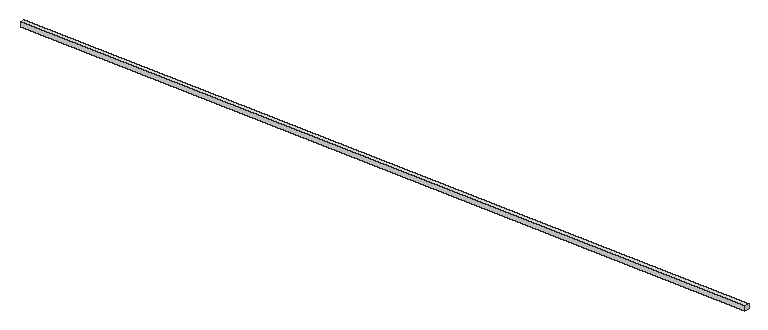
Revit family "MarshallTufflex_ElectricalFittings_TrunkingDado_Mini_MMT1a", category Generic Models, host Face, Revit 2016
Family settings
  Host = Face
  Part Type = Normal
  Can host rebar = No
  Round Connector Dimension = Use Diameter
  OmniClass Number = 23.80.30.17.14
  OmniClass Title = Wireways
  Cut with Voids When Loaded = Yes
  Shared = Yes
  Room Calculation Point = No
Parameters (values of type "MMT1")
  _DistributedBy = "www.bimstore.co.uk"
  _CurrentRevision = 1
  _CreatedBy = "www.marshall-tufflex.com"
  _BimSpecGuid = 0
  _BSBibleVersion = 15
  _AuthorizedBy = "IH"
  _Author = "Marshall-Tufflex Ltd"
  Weekly [instance] = "Please Record On Commisioning"
  WarrantyStartDate [instance] = "Please Record On Commisioning"
  WarrantyID [instance] = "Please Record On Commisioning"
  WarrantyGuarantorParts = "Sales@marshall-tufflex.com"
  WarrantyGuarantorLabor [instance] = "Please Record On Commisioning"
  WarrantyDurationUnit = "Years"
  WarrantyDurationParts = 0
  WarrantyDurationLabor = 0
  WarrantyDescription [instance] = "Please Record On Commisioning"
  URL = "www.marshall-tufflex.com"
  TypeName = "Marshall Tufflex Electrical Fitting Trunking Dado Mini"
  Type Comments = "Dado Trunking Single Compartment With Cover"
  Type = "Trunking"
  Sub-Type = "Dado"
  SquareAngleUp [instance] = no
  SquareAngleDown [instance] = no
  SpareParts = "Sales@marshall-tufflex.com"
  ShippingWeight = 0
  Shape = "16x16mm"
  SerialNumber [instance] = "Please Record On Commisioning"
  ResponsibleSourcingOfMaterials = "n/a"
  ResponsibleExtractionOfMaterials = "n/a"
  ReplacementCost = "Sales@marshall-tufflex.com"
  ReferencedStandard = "BS EN 50085-1"
  ReferenceStandard = "BS EN 50085-1"
  Quarterly [instance] = "Please Record On Commisioning"
  ProductionYear = "2018"
  ProductRange = "Mini"
  ProductModelNumber = "MMT1"
  ProductLiterature = "www.marshall-tufflex.com"
  OverallWidth = 16.000 mm
  OverallLength [instance] = 3000.000 mm
  OverallHeight = 16.000 mm
  O&Mmanual = "www.marshall-tufflex.com"
  NominalLength = 3000.000 mm
  NominalHeight = 16.000 mm
  NominalDepth = 16.000 mm
  NBSReference = "90-55-10/390"
  NBSOfficeMasterTag = "n/a"
  NBSObjectName = "MT MiniTrunkingMMT1"
  NBSNote = ""
  NBSDescription = "Proprietry Tunking"
  Monthly [instance] = "Please Record On Commisioning"
  ModelReference = "Mini"
  ModelNumber = "MMT1"
  Model = "Mini"
  MaterialIngredientReporting = "n/a"
  Material = "PVCu"
  ManufacturerWebsite = "www.marshall-tufflex.com"
  ManufacturerName = "Marshall-Tufflex Ltd"
  Manufacturer = "Marshall-Tufflex Ltd"
  MMT1CeilingTee [instance] = no
  LocationOfManufacturer = "N 50°52'39\" E 0°31'41\""
  LifeCycleAnalysis = "n/a"
  LidConfiguration = "Tamper Proof"
  Keynote = "V90"
  InternalBend [instance] = no
  InstallationDate [instance] = "Please Record On Commisioning"
  IfcExportType = "IfcCableSegmentType"
  IfcExportAs = "IfcFlowSegment"
  GrossWeight = 0
  GreenGuideforSpecification = 0
  Grade = "n/a"
  Fittings = "www.marshall-tufflex.com"
  Finish = "Matt"
  Features = "Variety of sizes, self-fixing and punched options"
  ExternalBend [instance] = no
  ExpectedLife = 0
  ErPEnergyLabel = "n/a"
  EqualSquareTeeUp [instance] = no
  EqualSquareTeeDown [instance] = no
  EnvironmentalProductDeclaration = "n/a"
  EnergyTechnologyList = "n/a"
  EndCapRH [instance] = no
  EndCapLH [instance] = no
  EnclosureRating = "IP4X"
  EmbodiedCarbon = 0
  DurationUnit = "Years"
  DocumentationTechnical = "www.marshall-tufflex.com"
  DocumentationMaintenance = "www.marshall-tufflex.com"
  DocumentationLiterature = "www.marshall-tufflex.com"
  DocumentationInstallationGuide = "www.marshall-tufflex.com"
  DocumentationCertificates = "www.marshall-tufflex.com"
  Description = "Trunking Dado MT Mini MMT1"
  Default Elevation = 1200.000 mm
  Daily [instance] = "Please Record On Commisioning"
  CreatedOn = "2018-11-26T09:00:00"
  CreatedBy = "Sales@marshall-tufflex.com"
  Coupler [instance] = no
  Cost = 0
  Constituents = "Mini Trunking"
  Compartments = "No"
  Colour = "White (RAL9003)"
  Color = "White (RAL9003)"
  CodePerformance = "n/a"
  ClassificationValue = "Pr_65_70_11_61"
  ClassificationName = "Uniclass2015"
  CEApproval = "Yes"
  BespokeTimeframe [instance] = "Please Record On Commisioning"
  BarCode [instance] = "Please Record On Commisioning"
  BIMObjectName = "MarshallTufflex_ElectricalFittings_TrunkingDado_Mini_MMT1"
  AssetType = "Fixed"
  AssetIdentifier [instance] = "Please Record On Commisioning"
  Assembly Code = "D5010"
  Annually [instance] = "Please Record On Commisioning"
  AccessoryBoxDepth = "n/a"
  Accessories = "www.marshall-tufflex.com"
  AccessibilityPerformance = "n/a"
  AccessClearanceTop = 0.000 mm
  AccessClearanceRight = 0.000 mm
  AccessClearanceRear = 0.000 mm
  AccessClearanceLeft = 0.000 mm
  AccessClearanceFront = 0.000 mm
  AccessClearanceBottom = 0.000 mm
  6Monthly [instance] = "Please Record On Commisioning"
Reference planes
  plane 1 "Center (Front/Back)": y = 0
  plane 2: z = 0
  plane 3 "Center (Left/Right)": x = 0
  plane 4: x = 3000
  plane 5: y = -8
  plane 6: y = 8
  plane 7: z = 16
Forms (mm)
  Extrusion 1, solid, material "PVC, Unplasticized"
    sketch origin (0, 0, 0) x (0, 1, 0) y (0, 0, 1)
      loop
        line (8, 0) -> (8, 16) -> (-8, 16) -> (-8, 0) -> (8, 0)
    from 0 to 3000
Dimensions and locks
  "OverallLength": plane 4 to plane 3 "Center (Left/Right)"
  plane 3 "Center (Left/Right)" to plane 4 = 3000.000 mm
  equal spacing: plane 6, plane 1 "Center (Front/Back)", plane 5
  "OverallHeight": plane 6 to plane 5
  "OverallWidth": plane 7 to host face
  aligned and locked: plane 2 to host face
  aligned and locked: level to host face
  aligned and locked: plane 7 to Extrusion 1 sketch curve
  aligned and locked: Extrusion 1 sketch curve to level
  aligned and locked: Extrusion 1 sketch curve to plane 5
  aligned and locked: plane 6 to Extrusion 1 sketch curve
  aligned and locked: Extrusion 1 to plane 4
  aligned and locked: nested 1 to plane 4
  aligned and locked: plane 1 "Center (Front/Back)" to nested 1
  aligned and locked: plane 3 "Center (Left/Right)" to nested 2
  aligned and locked: plane 1 "Center (Front/Back)" to nested 2
  aligned and locked: nested 3 to plane 4
  aligned and locked: plane 1 "Center (Front/Back)" to nested 3
  aligned and locked: nested 4 to plane 4
  aligned and locked: nested 4 to plane 1 "Center (Front/Back)"
  aligned and locked: plane 4 to nested 5
  aligned and locked: plane 1 "Center (Front/Back)" to nested 5
  aligned and locked: nested 6 to plane 4
  aligned and locked: nested 6 to plane 1 "Center (Front/Back)"
  aligned and locked: nested 7 to plane 4
  aligned and locked: plane 1 "Center (Front/Back)" to nested 7
  aligned and locked: nested 8 to plane 4
  aligned and locked: plane 1 "Center (Front/Back)" to nested 8
  aligned and locked: nested 9 to plane 4
  aligned and locked: plane 1 "Center (Front/Back)" to nested 9
  aligned and locked: plane 4 to nested 10
  aligned and locked: plane 1 "Center (Front/Back)" to nested 10
Automatic sketch dimensions
  host sketch curve to host sketch curve = 2438.400 mm  (x2)
Nested families
  nested 1: "MarshallTufflex_ElectricalFittings_TrunkingDado_Coupler" at (2977.5, 0, 0), visible <- "Coupler", type "MarshallTufflex_ElectricalFittings_TrunkingDado_Mini_Coupler_TC1"
    with Weekly "Please Record On Commisioning", WarrantyStartDate "Please Record On Commisioning", WarrantyID "Please Record On Commisioning", WarrantyGuarantorLabor "Please Record On Commisioning", WarrantyDescription "Please Record On Commisioning", SerialNumber "Please Record On Commisioning", Quarterly "Please Record On Commisioning", Monthly "Please Record On Commisioning", InstallationDate "Please Record On Commisioning", Daily "Please Record On Commisioning", BespokeTimeframe "Please Record On Commisioning", BarCode "Please Record On Commisioning", AssetIdentifier "Please Record On Commisioning", Annually "Please Record On Commisioning", 6Monthly "Please Record On Commisioning"
  nested 2: "MarshallTufflex_ElectricalFittings_TrunkingDado_EndCap" at (-2, 0, 0), visible <- "EndCapLH", type "MarshallTufflex_ElectricalFittings_TrunkingDado_Mini_EndCap_TEC1"
    with Weekly "Please Record On Commisioning", WarrantyStartDate "Please Record On Commisioning", WarrantyID "Please Record On Commisioning", WarrantyGuarantorLabor "Please Record On Commisioning", WarrantyDescription "Please Record On Commisioning", SerialNumber "Please Record On Commisioning", Quarterly "Please Record On Commisioning", Monthly "Please Record On Commisioning", InstallationDate "Please Record On Commisioning", Daily "Please Record On Commisioning", BespokeTimeframe "Please Record On Commisioning", BarCode "Please Record On Commisioning", AssetIdentifier "Please Record On Commisioning", Annually "Please Record On Commisioning", 6Monthly "Please Record On Commisioning"
  nested 3: "MarshallTufflex_ElectricalFittings_TrunkingDado_EndCap" at (3000, 0, 0), visible <- "EndCapRH", type "MarshallTufflex_ElectricalFittings_TrunkingDado_Mini_EndCap_TEC1"
    with Weekly "Please Record On Commisioning", WarrantyStartDate "Please Record On Commisioning", WarrantyID "Please Record On Commisioning", WarrantyGuarantorLabor "Please Record On Commisioning", WarrantyDescription "Please Record On Commisioning", SerialNumber "Please Record On Commisioning", Quarterly "Please Record On Commisioning", Monthly "Please Record On Commisioning", InstallationDate "Please Record On Commisioning", Daily "Please Record On Commisioning", BespokeTimeframe "Please Record On Commisioning", BarCode "Please Record On Commisioning", AssetIdentifier "Please Record On Commisioning", Annually "Please Record On Commisioning", 6Monthly "Please Record On Commisioning"
  nested 4: "MarshallTufflex_ElectricalFittings_TrunkingDado_SquareEqualTee" at (3000, -25.5, 0) x (0, 1, 0) z (0, 0, 1), visible <- "EqualSquareTeeDown", type "MarshallTufflex_ElectricalFittings_TrunkingDado_Mini_EqualSquareTee_TT1-1"
    with Weekly "Please Record On Commisioning", WarrantyStartDate "Please Record On Commisioning", WarrantyID "Please Record On Commisioning", WarrantyGuarantorLabor "Please Record On Commisioning", WarrantyDescription "Please Record On Commisioning", SerialNumber "Please Record On Commisioning", Quarterly "Please Record On Commisioning", Monthly "Please Record On Commisioning", InstallationDate "Please Record On Commisioning", Daily "Please Record On Commisioning", BespokeTimeframe "Please Record On Commisioning", BarCode "Please Record On Commisioning", AssetIdentifier "Please Record On Commisioning", Annually "Please Record On Commisioning", 6Monthly "Please Record On Commisioning"
  nested 5: "MarshallTufflex_ElectricalFittings_TrunkingDado_SquareEqualTee" at (3000, 25.5, 0) x (0, -1, 0) z (0, 0, 1), visible <- "EqualSquareTeeUp", type "MarshallTufflex_ElectricalFittings_TrunkingDado_Mini_EqualSquareTee_TT1-1"
    with Weekly "Please Record On Commisioning", WarrantyStartDate "Please Record On Commisioning", WarrantyID "Please Record On Commisioning", WarrantyGuarantorLabor "Please Record On Commisioning", WarrantyDescription "Please Record On Commisioning", SerialNumber "Please Record On Commisioning", Quarterly "Please Record On Commisioning", Monthly "Please Record On Commisioning", InstallationDate "Please Record On Commisioning", Daily "Please Record On Commisioning", BespokeTimeframe "Please Record On Commisioning", BarCode "Please Record On Commisioning", AssetIdentifier "Please Record On Commisioning", Annually "Please Record On Commisioning", 6Monthly "Please Record On Commisioning"
  nested 6: "MarshallTufflex_ElectricalFittings_TrunkingDado_CeilingTee" at (3000, -9.5, 0) x (0, 1, 0) z (0, 0, 1), visible <- "MMT1CeilingTee", type "MarshallTufflex_ElectricalFittings_TrunkingDado_Mini_CeilingTee_TCT1-1"
    with Weekly "Please Record On Commisioning", WarrantyStartDate "Please Record On Commisioning", WarrantyID "Please Record On Commisioning", WarrantyGuarantorLabor "Please Record On Commisioning", WarrantyDescription "Please Record On Commisioning", SerialNumber "Please Record On Commisioning", Quarterly "Please Record On Commisioning", Monthly "Please Record On Commisioning", InstallationDate "Please Record On Commisioning", Daily "Please Record On Commisioning", BespokeTimeframe "Please Record On Commisioning", BarCode "Please Record On Commisioning", AssetIdentifier "Please Record On Commisioning", Annually "Please Record On Commisioning", 6Monthly "Please Record On Commisioning"
  nested 7: "MarshallTufflex_ElectricalFittings_TrunkingDado_InternalBend" at (3000, 0, 0), visible <- "InternalBend", type "MarshallTufflex_ElectricalFittings_TrunkingDado_Mini_InternalBend_TIB1"
    with Weekly "Please Record On Commisioning", WarrantyStartDate "Please Record On Commisioning", WarrantyID "Please Record On Commisioning", WarrantyGuarantorLabor "Please Record On Commisioning", WarrantyDescription "Please Record On Commisioning", SerialNumber "Please Record On Commisioning", Quarterly "Please Record On Commisioning", Monthly "Please Record On Commisioning", InstallationDate "Please Record On Commisioning", Daily "Please Record On Commisioning", BespokeTimeframe "Please Record On Commisioning", BarCode "Please Record On Commisioning", AssetIdentifier "Please Record On Commisioning", Annually "Please Record On Commisioning", 6Monthly "Please Record On Commisioning"
  nested 8: "MarshallTufflex_ElectricalFittings_TrunkingDado_ExternalBend" at (3000, 0, 0), visible <- "ExternalBend", type "MarshallTufflex_ElectricalFittings_TrunkingDado_Mini_ExternalBend_TEB1"
    with Weekly "Please Record On Commisioning", WarrantyStartDate "Please Record On Commisioning", WarrantyID "Please Record On Commisioning", WarrantyGuarantorLabor "Please Record On Commisioning", WarrantyDescription "Please Record On Commisioning", SerialNumber "Please Record On Commisioning", Quarterly "Please Record On Commisioning", Monthly "Please Record On Commisioning", InstallationDate "Please Record On Commisioning", Daily "Please Record On Commisioning", BespokeTimeframe "Please Record On Commisioning", BarCode "Please Record On Commisioning", AssetIdentifier "Please Record On Commisioning", Annually "Please Record On Commisioning", 6Monthly "Please Record On Commisioning"
  nested 9: "MarshallTufflex_ElectricalFittings_TrunkingDado_SquareAngle" at (3000, 0, 0), visible <- "SquareAngleDown", type "MarshallTufflex_ElectricalFittings_TrunkingDado_Mini_SquareAngle_TFB1"
    with Weekly "Please Record On Commisioning", WarrantyStartDate "Please Record On Commisioning", WarrantyID "Please Record On Commisioning", WarrantyGuarantorLabor "Please Record On Commisioning", WarrantyDescription "Please Record On Commisioning", SerialNumber "Please Record On Commisioning", Quarterly "Please Record On Commisioning", Monthly "Please Record On Commisioning", InstallationDate "Please Record On Commisioning", Daily "Please Record On Commisioning", BespokeTimeframe "Please Record On Commisioning", BarCode "Please Record On Commisioning", AssetIdentifier "Please Record On Commisioning", Annually "Please Record On Commisioning", 6Monthly "Please Record On Commisioning"
  nested 10: "MarshallTufflex_ElectricalFittings_TrunkingDado_SquareAngle" at (3000, 0, 0) x (0, -1, 0) z (0, 0, 1), visible <- "SquareAngleUp", type "MarshallTufflex_ElectricalFittings_TrunkingDado_Mini_SquareAngle_TFB1"
    with Weekly "Please Record On Commisioning", WarrantyStartDate "Please Record On Commisioning", WarrantyID "Please Record On Commisioning", WarrantyGuarantorLabor "Please Record On Commisioning", WarrantyDescription "Please Record On Commisioning", SerialNumber "Please Record On Commisioning", Quarterly "Please Record On Commisioning", Monthly "Please Record On Commisioning", InstallationDate "Please Record On Commisioning", Daily "Please Record On Commisioning", BespokeTimeframe "Please Record On Commisioning", BarCode "Please Record On Commisioning", AssetIdentifier "Please Record On Commisioning", Annually "Please Record On Commisioning", 6Monthly "Please Record On Commisioning"
Definition of nested family "MarshallTufflex_ElectricalFittings_TrunkingDado_Coupler"
  Parameters (values of type "MarshallTufflex_ElectricalFittings_TrunkingDado_Mini_Coupler_TC6")
    _DistributedBy = "www.bimstore.co.uk"
    _CurrentRevision = 1
    _CreatedBy = "www.marshall-tufflex.com"
    _BimSpecGuid = 0
    _BSBibleVersion = 15
    _AuthorizedBy = ""
    _Author = "Marshall-Tufflex Ltd"
    Weekly [instance] = "Please Record On Commisioning"
    WarrantyStartDate [instance] = "Please Record On Commisioning"
    WarrantyID [instance] = "Please Record On Commisioning"
    WarrantyGuarantorParts = "Sales@marshall-tufflex.com"
    WarrantyGuarantorLabor [instance] = "Please Record On Commisioning"
    WarrantyDurationUnit = "Years"
    WarrantyDurationParts = 0
    WarrantyDurationLabor = 0
    WarrantyDescription [instance] = "Please Record On Commisioning"
    URL = "www.marshall-tufflex.com"
    TypeName = "Marshall Tufflex Electrical Fitting Trunking Dado Mini"
    Type Comments = "Dado Trunking MMT6 Coupler"
    Type = "Trunking"
    Sub-Type = "Fitting"
    SpareParts = "Sales@marshall-tufflex.com"
    ShippingWeight = 0
    Shape = "40x40mm"
    SerialNumber [instance] = "Please Record On Commisioning"
    ResponsibleSourcingOfMaterials = "n/a"
    ResponsibleExtractionOfMaterials = "n/a"
    ReplacementCost = "Sales@marshall-tufflex.com"
    ReferencedStandard = "BS EN 50085-1"
    ReferenceStandard = "BS EN 50085-1"
    Quarterly [instance] = "Please Record On Commisioning"
    ProductionYear = "2018"
    ProductRange = "Mini"
    ProductModelNumber = "TC6"
    ProductLiterature = "www.marshall-tufflex.com"
    OverallWidth = 40.000 mm
    OverallLength = 50.000 mm
    OverallHeight = 40.000 mm
    O&Mmanual = "www.marshall-tufflex.com"
    NominalLength = 50.000 mm
    NominalHeight = 40.000 mm
    NominalDepth = 40.000 mm
    NBSReference = "90-55-10/390"
    NBSOfficeMasterTag = "n/a"
    NBSObjectName = "MT MiniCouplerTC6"
    NBSNote = ""
    NBSDescription = "Proprietry Tunking"
    Monthly [instance] = "Please Record On Commisioning"
    ModelReference = "Mini"
    ModelNumber = "TC6"
    Model = "Mini"
    MaterialIngredientReporting = "n/a"
    Material = "PVCu"
    ManufacturerWebsite = "www.marshall-tufflex.com"
    ManufacturerName = "Marshall-Tufflex Ltd"
    Manufacturer = "Marshall-Tufflex Ltd"
    LocationOfManufacturer = "N 50°52'39\" E 0°31'41\""
    LifeCycleAnalysis = "n/a"
    LidConfiguration = "Tamper Proof"
    Keynote = "V90"
    InstallationDate [instance] = "Please Record On Commisioning"
    IfcExportType = "IfcCableSegmentType"
    IfcExportAs = "IfcFlowSegment"
    GrossWeight = 0
    GreenGuideforSpecification = 0
    Grade = "n/a"
    Fittings = "www.marshall-tufflex.com"
    Finish = "Matt"
    Features = "Variety of sizes, self-fixing and punched options"
    ExpectedLife = 0
    ErPEnergyLabel = "n/a"
    EnvironmentalProductDeclaration = "n/a"
    EnergyTechnologyList = "n/a"
    EnclosureRating = "IP4X"
    EmbodiedCarbon = 0
    DurationUnit = "Years"
    DocumentationTechnical = "www.marshall-tufflex.com"
    DocumentationMaintenance = "www.marshall-tufflex.com"
    DocumentationLiterature = "www.marshall-tufflex.com"
    DocumentationInstallationGuide = "www.marshall-tufflex.com"
    DocumentationCertificates = "www.marshall-tufflex.com"
    Description = "Trunking Dado MT Mini Coupler TC6"
    Default Elevation = 1200.000 mm
    DatumLine = OverallLength / 2  # 25.000 mm
    Daily [instance] = "Please Record On Commisioning"
    CreatedOn = "2018-11-26T09:00:00"
    CreatedBy = "Sales@marshall-tufflex.com"
    Cost = 0
    Constituents = "Mini Trunking"
    Compartments = "No"
    Colour = "White (RAL9003)"
    Color = "White (RAL9003)"
    CodePerformance = "n/a"
    ClassificationValue = "Pr_65_70_11_61"
    ClassificationName = "Uniclass2015"
    CEApproval = "Yes"
    BespokeTimeframe [instance] = "Please Record On Commisioning"
    BarCode [instance] = "Please Record On Commisioning"
    BIMObjectName = "MarshallTufflex_ElectricalFittings_TrunkingDado_Mini_Coupler_TC6"
    AssetType = "Fixed"
    AssetIdentifier [instance] = "Please Record On Commisioning"
    Assembly Code = "D5010"
    Annually [instance] = "Please Record On Commisioning"
    AccessoryBoxDepth = "n/a"
    Accessories = "www.marshall-tufflex.com"
    AccessibilityPerformance = "n/a"
    AccessClearanceTop = 0.000 mm
    AccessClearanceRight = 0.000 mm
    AccessClearanceRear = 0.000 mm
    AccessClearanceLeft = 0.000 mm
    AccessClearanceFront = 0.000 mm
    AccessClearanceBottom = 0.000 mm
    6Monthly [instance] = "Please Record On Commisioning"
  Types (6, lengths in mm): name | Type Comments | Shape | ProductModelNumber | OverallWidth | OverallLength | OverallHeight | NominalLength | NominalHeight | NominalDepth | NBSObjectName | ModelNumber | Description | DatumLine | BIMObjectName
    MarshallTufflex_ElectricalFittings_TrunkingDado_Mini_Coupler_TC1 | "Dado Trunking MMT1 Coupler" | "19x18mm" | "TC1" | 18.000 | 45.000 | 19.000 | 45.000 | 19.000 | 18.000 | "MT MiniCouplerTC1" | "TC1" | "Trunking Dado MT Mini Coupler TC1" | 22.500 | "MarshallTufflex_ElectricalFittings_TrunkingDado_Mini_Coupler_TC1"
    MarshallTufflex_ElectricalFittings_TrunkingDado_Mini_Coupler_TC2 | "Dado Trunking MMT2 Coupler" | "28x18mm" | "TC2" | 18.000 | 45.000 | 28.000 | 45.000 | 28.000 | 18.000 | "MT MiniCouplerTC2" | "TC2" | "Trunking Dado MT Mini Coupler TC2" | 22.500 | "MarshallTufflex_ElectricalFittings_TrunkingDado_Mini_Coupler_TC2"
    MarshallTufflex_ElectricalFittings_TrunkingDado_Mini_Coupler_TC3 | "Dado Trunking MMT3 Coupler" | "41x18mm" | "TC3" | 18.000 | 45.000 | 41.000 | 45.000 | 41.000 | 18.000 | "MT MiniCouplerTC3" | "TC3" | "Trunking Dado MT Mini Coupler TC3" | 22.500 | "MarshallTufflex_ElectricalFittings_TrunkingDado_Mini_Coupler_TC3"
    MarshallTufflex_ElectricalFittings_TrunkingDado_Mini_Coupler_TC4 | "Dado Trunking MMT4 Coupler" | "41x27mm" | "TC4" | 27.000 | 45.000 | 41.000 | 45.000 | 41.000 | 27.000 | "MT MiniCouplerTC4" | "TC4" | "Trunking Dado MT Mini Coupler TC4" | 22.500 | "MarshallTufflex_ElectricalFittings_TrunkingDado_Mini_Coupler_TC4"
    MarshallTufflex_ElectricalFittings_TrunkingDado_Mini_Coupler_TC5 | "Dado Trunking MMT5 Coupler" | "53x27mm" | "TC5" | 27.000 | 85.000 | 53.000 | 85.000 | 53.000 | 27.000 | "MT MiniCouplerTC5" | "TC5" | "Trunking Dado MT Mini Coupler TC5" | 42.500 | "MarshallTufflex_ElectricalFittings_TrunkingDado_Mini_Coupler_TC5"
    MarshallTufflex_ElectricalFittings_TrunkingDado_Mini_Coupler_TC6 | "Dado Trunking MMT6 Coupler" | "40x40mm" | "TC6" | 40.000 | 50.000 | 40.000 | 50.000 | 40.000 | 40.000 | "MT MiniCouplerTC6" | "TC6" | "Trunking Dado MT Mini Coupler TC6" | 25.000 | "MarshallTufflex_ElectricalFittings_TrunkingDado_Mini_Coupler_TC6"
  Reference planes
    plane 1 "Center (Front/Back)": y = 0
    plane 2: z = 0
    plane 3 "Center (Left/Right)": x = 0
    plane 4: x = 50
    plane 5: y = -20
    plane 6: y = 20
    plane 7: z = 40
    plane 8: x = 25
  Forms (mm)
    Extrusion 1, solid
      sketch origin (0, 0, 0) x (1, 0, 0) y (0, 1, 0)
        loop
          line (-1219.2, 1219.2) -> (-1219.2, -1219.2) -> (1219.2, -1219.2) -> (1219.2, 1219.2) -> (-1219.2, 1219.2)
      from 0 to -304.8
    Extrusion 2, solid
      sketch origin (0, 0, 0) x (1, 0, 0) y (0, 1, 0)
        loop
          line (0, -20) -> (50, -20) -> (50, 20) -> (0, 20) -> (0, -20)
      from 0 to 40
  Dimensions and locks
    "OverallLength": plane 4 to plane 3 "Center (Left/Right)"
    plane 3 "Center (Left/Right)" to plane 4 = 50.000 mm
    equal spacing: plane 6, plane 1 "Center (Front/Back)", plane 5
    "OverallHeight": plane 6 to plane 5
    "OverallWidth": plane 7 to Extrusion 1
    "DatumLine": plane 3 "Center (Left/Right)" to plane 8
    aligned and locked: plane 2 to Extrusion 1
    aligned and locked: level to Extrusion 1
    aligned and locked: plane 6 to Extrusion 2 sketch curve
    aligned and locked: Extrusion 2 sketch curve to plane 5
    aligned and locked: Extrusion 2 sketch curve to plane 4
    aligned and locked: Extrusion 2 sketch curve to plane 3 "Center (Left/Right)"
    aligned and locked: plane 7 to Extrusion 2
  Automatic sketch dimensions
    Extrusion 1 sketch curve to Extrusion 1 sketch curve = 2438.400 mm  (x2)
Definition of nested family "MarshallTufflex_ElectricalFittings_TrunkingDado_EndCap"
  Parameters (values of type "MarshallTufflex_ElectricalFittings_TrunkingDado_Mini_EndCap_TEC1")
    _DistributedBy = "www.bimstore.co.uk"
    _CurrentRevision = 1
    _CreatedBy = "www.marshall-tufflex.com"
    _BimSpecGuid = 0
    _BSBibleVersion = 15
    _AuthorizedBy = ""
    _Author = "Marshall-Tufflex Ltd"
    Weekly [instance] = "Please Record On Commisioning"
    WarrantyStartDate [instance] = "Please Record On Commisioning"
    WarrantyID [instance] = "Please Record On Commisioning"
    WarrantyGuarantorParts = "Sales@marshall-tufflex.com"
    WarrantyGuarantorLabor [instance] = "Please Record On Commisioning"
    WarrantyDurationUnit = "Years"
    WarrantyDurationParts = 0
    WarrantyDurationLabor = 0
    WarrantyDescription [instance] = "Please Record On Commisioning"
    URL = "www.marshall-tufflex.com"
    TypeName = "Marshall Tufflex Electrical Fitting Trunking Dado Mini"
    Type Comments = "Dado Trunking MMT1 End Cap"
    Type = "Trunking"
    Sub-Type = "Fitting"
    SpareParts = "Sales@marshall-tufflex.com"
    ShippingWeight = 0
    Shape = "16x16mm"
    SerialNumber [instance] = "Please Record On Commisioning"
    ResponsibleSourcingOfMaterials = "n/a"
    ResponsibleExtractionOfMaterials = "n/a"
    ReplacementCost = "Sales@marshall-tufflex.com"
    ReferencedStandard = "BS EN 50085-1"
    ReferenceStandard = "BS EN 50085-1"
    Quarterly [instance] = "Please Record On Commisioning"
    ProductionYear = "2018"
    ProductRange = "Mini"
    ProductModelNumber = "TEC1"
    ProductLiterature = "www.marshall-tufflex.com"
    OverallWidth = 16.000 mm
    OverallLength = 2.000 mm
    OverallHeight = 16.000 mm
    O&Mmanual = "www.marshall-tufflex.com"
    NominalLength = 2.000 mm
    NominalHeight = 16.000 mm
    NominalDepth = 16.000 mm
    NBSReference = "90-55-10/390"
    NBSOfficeMasterTag = "n/a"
    NBSObjectName = "MT MiniEndCapTEC1"
    NBSNote = ""
    NBSDescription = "Proprietry Tunking"
    Monthly [instance] = "Please Record On Commisioning"
    ModelReference = "Mini"
    ModelNumber = "TEC1"
    Model = "Mini"
    MaterialIngredientReporting = "n/a"
    Material = "PVCu"
    ManufacturerWebsite = "www.marshall-tufflex.com"
    ManufacturerName = "Marshall-Tufflex Ltd"
    Manufacturer = "Marshall-Tufflex Ltd"
    LocationOfManufacturer = "N 50°52'39\" E 0°31'41\""
    LifeCycleAnalysis = "n/a"
    LidConfiguration = "Tamper Proof"
    Keynote = "V90"
    InstallationDate [instance] = "Please Record On Commisioning"
    IfcExportType = "IfcCableSegmentType"
    IfcExportAs = "IfcFlowSegment"
    GrossWeight = 0
    GreenGuideforSpecification = 0
    Grade = "n/a"
    Fittings = "www.marshall-tufflex.com"
    Finish = "Matt"
    Features = "Variety of sizes, self-fixing and punched options"
    ExpectedLife = 0
    ErPEnergyLabel = "n/a"
    EnvironmentalProductDeclaration = "n/a"
    EnergyTechnologyList = "n/a"
    EnclosureRating = "IP4X"
    EmbodiedCarbon = 0
    DurationUnit = "Years"
    DocumentationTechnical = "www.marshall-tufflex.com"
    DocumentationMaintenance = "www.marshall-tufflex.com"
    DocumentationLiterature = "www.marshall-tufflex.com"
    DocumentationInstallationGuide = "www.marshall-tufflex.com"
    DocumentationCertificates = "www.marshall-tufflex.com"
    Description = "Trunking Dado MT Mini End Cap TEC1"
    Default Elevation = 1200.000 mm
    Daily [instance] = "Please Record On Commisioning"
    CreatedOn = "2018-11-26T09:00:00"
    CreatedBy = "Sales@marshall-tufflex.com"
    Cost = 0
    Constituents = "Mini Trunking"
    Compartments = "No"
    Colour = "White (RAL9003)"
    Color = "White (RAL9003)"
    CodePerformance = "n/a"
    ClassificationValue = "Pr_65_70_11_61"
    ClassificationName = "Uniclass2015"
    CEApproval = "Yes"
    BespokeTimeframe [instance] = "Please Record On Commisioning"
    BarCode [instance] = "Please Record On Commisioning"
    BIMObjectName = "MarshallTufflex_ElectricalFittings_TrunkingDado_Mini_EndCap_TEC1"
    AssetType = "Fixed"
    AssetIdentifier [instance] = "Please Record On Commisioning"
    Assembly Code = "D5010"
    Annually [instance] = "Please Record On Commisioning"
    AccessoryBoxDepth = "n/a"
    Accessories = "www.marshall-tufflex.com"
    AccessibilityPerformance = "n/a"
    AccessClearanceTop = 0.000 mm
    AccessClearanceRight = 0.000 mm
    AccessClearanceRear = 0.000 mm
    AccessClearanceLeft = 0.000 mm
    AccessClearanceFront = 0.000 mm
    AccessClearanceBottom = 0.000 mm
    6Monthly [instance] = "Please Record On Commisioning"
  Types (6, lengths in mm): name | Type Comments | Shape | ProductModelNumber | OverallWidth | OverallHeight | NominalHeight | NominalDepth | NBSObjectName | ModelNumber | Description | BIMObjectName
    MarshallTufflex_ElectricalFittings_TrunkingDado_Mini_EndCap_TEC1 | "Dado Trunking MMT1 End Cap" | "16x16mm" | "TEC1" | 16.000 | 16.000 | 16.000 | 16.000 | "MT MiniEndCapTEC1" | "TEC1" | "Trunking Dado MT Mini End Cap TEC1" | "MarshallTufflex_ElectricalFittings_TrunkingDado_Mini_EndCap_TEC1"
    MarshallTufflex_ElectricalFittings_TrunkingDado_Mini_EndCap_TEC2 | "Dado Trunking MMT2 End Cap" | "25x16mm" | "TEC2" | 16.000 | 25.000 | 25.000 | 16.000 | "MT MiniEndCapTEC2" | "TEC2" | "Trunking Dado MT Mini End Cap TEC2" | "MarshallTufflex_ElectricalFittings_TrunkingDado_Mini_EndCap_TEC2"
    MarshallTufflex_ElectricalFittings_TrunkingDado_Mini_EndCap_TEC3 | "Dado Trunking MMT3 End Cap" | "38x16mm" | "TEC3" | 16.000 | 38.000 | 38.000 | 16.000 | "MT MiniEndCapTEC3" | "TEC3" | "Trunking Dado MT Mini End Cap TEC3" | "MarshallTufflex_ElectricalFittings_TrunkingDado_Mini_EndCap_TEC3"
    MarshallTufflex_ElectricalFittings_TrunkingDado_Mini_EndCap_TEC4 | "Dado Trunking MMT4 End Cap" | "38x25mm" | "TEC4" | 25.000 | 38.000 | 38.000 | 25.000 | "MT MiniEndCapTEC4" | "TEC4" | "Trunking Dado MT Mini End Cap TEC4" | "MarshallTufflex_ElectricalFittings_TrunkingDado_Mini_EndCap_TEC4"
    MarshallTufflex_ElectricalFittings_TrunkingDado_Mini_EndCap_TEC5 | "Dado Trunking MMT5 End Cap" | "50x25mm" | "TEC5" | 25.000 | 50.000 | 50.000 | 25.000 | "MT MiniEndCapTEC5" | "TEC5" | "Trunking Dado MT Mini End Cap TEC5" | "MarshallTufflex_ElectricalFittings_TrunkingDado_Mini_EndCap_TEC5"
    MarshallTufflex_ElectricalFittings_TrunkingDado_Mini_EndCap_TEC6 | "Dado Trunking MMT6 End Cap" | "38x38mm" | "TEC6" | 38.000 | 38.000 | 38.000 | 38.000 | "MT MiniEndCapTEC6" | "TEC6" | "Trunking Dado MT Mini End Cap TEC6" | "MarshallTufflex_ElectricalFittings_TrunkingDado_Mini_EndCap_TEC6"
  Reference planes
    plane 1 "Center (Front/Back)": y = 0
    plane 2: z = 0
    plane 3 "Center (Left/Right)": x = 0
    plane 4: x = 2
    plane 5: y = -8
    plane 6: y = 8
    plane 7: z = 16
  Forms (mm)
    Extrusion 1, solid
      sketch origin (0, 0, 0) x (1, 0, 0) y (0, 1, 0)
        loop
          line (-1219.2, 1219.2) -> (-1219.2, -1219.2) -> (1219.2, -1219.2) -> (1219.2, 1219.2) -> (-1219.2, 1219.2)
      from 0 to -304.8
    Extrusion 2, solid
      sketch origin (0, 0, 0) x (0, 1, 0) y (0, 0, 1)
        loop
          line (8, 16) -> (-8, 16) -> (-8, 0) -> (8, 0) -> (8, 16)
      from 0 to 2
  Dimensions and locks
    "OverallLength": plane 4 to plane 3 "Center (Left/Right)"
    plane 3 "Center (Left/Right)" to plane 4 = 2.000 mm
    equal spacing: plane 6, plane 1 "Center (Front/Back)", plane 5
    "OverallHeight": plane 6 to plane 5
    "OverallWidth": plane 7 to Extrusion 1
    aligned and locked: plane 2 to Extrusion 1
    aligned and locked: level to Extrusion 1
    aligned and locked: plane 7 to Extrusion 2 sketch curve
    aligned and locked: plane 6 to Extrusion 2 sketch curve
    aligned and locked: Extrusion 2 sketch curve to level
    aligned and locked: Extrusion 2 sketch curve to plane 5
    aligned and locked: Extrusion 2 to plane 4
  Automatic sketch dimensions
    Extrusion 1 sketch curve to Extrusion 1 sketch curve = 2438.400 mm  (x2)
Definition of nested family "MarshallTufflex_ElectricalFittings_TrunkingDado_SquareEqualTee"
  Parameters (values of type "MarshallTufflex_ElectricalFittings_TrunkingDado_Mini_EqualSquareTee_TT4-4")
    _DistributedBy = "www.bimstore.co.uk"
    _CurrentRevision = 1
    _CreatedBy = "www.marshall-tufflex.com"
    _BimSpecGuid = 0
    _BSBibleVersion = 15
    _AuthorizedBy = ""
    _Author = "Marshall-Tufflex Ltd"
    Weekly [instance] = "Please Record On Commisioning"
    WarrantyStartDate [instance] = "Please Record On Commisioning"
    WarrantyID [instance] = "Please Record On Commisioning"
    WarrantyGuarantorParts = "Sales@marshall-tufflex.com"
    WarrantyGuarantorLabor [instance] = "Please Record On Commisioning"
    WarrantyDurationUnit = "Years"
    WarrantyDurationParts = 0
    WarrantyDurationLabor = 0
    WarrantyDescription [instance] = "Please Record On Commisioning"
    URL = "www.marshall-tufflex.com"
    TypeName = "Marshall Tufflex Electrical Fitting Trunking Dado Mini"
    Type Comments = "Dado Trunking MMT4 Equal Square Tee"
    Type = "Trunking"
    Sub-Type = "Fitting"
    SpareParts = "Sales@marshall-tufflex.com"
    ShippingWeight = 0
    Shape = "41x27mm"
    SerialNumber [instance] = "Please Record On Commisioning"
    ResponsibleSourcingOfMaterials = "n/a"
    ResponsibleExtractionOfMaterials = "n/a"
    ReplacementCost = "Sales@marshall-tufflex.com"
    ReferencedStandard = "BS EN 50085-1"
    ReferenceStandard = "BS EN 50085-1"
    Quarterly [instance] = "Please Record On Commisioning"
    ProductionYear = "2018"
    ProductRange = "Mini"
    ProductModelNumber = "TT4-4"
    ProductLiterature = "www.marshall-tufflex.com"
    OverallWidth = 57.000 mm
    OverallLength = 73.000 mm
    OverallHeight = 27.000 mm
    O&Mmanual = "www.marshall-tufflex.com"
    NominalLength = NominalDepth / 2  # 20.500 mm
    NominalHeight = 27.000 mm
    NominalDepth = 41.000 mm
    NBSReference = "90-55-10/390"
    NBSOfficeMasterTag = "n/a"
    NBSObjectName = "MT MiniEqualSquareTeeTT4-4"
    NBSNote = ""
    NBSDescription = "Proprietry Tunking"
    Monthly [instance] = "Please Record On Commisioning"
    ModelReference = "Mini"
    ModelNumber = "TT4-4"
    Model = "Mini"
    MaterialIngredientReporting = "n/a"
    Material = "PVCu"
    ManufacturerWebsite = "www.marshall-tufflex.com"
    ManufacturerName = "Marshall-Tufflex Ltd"
    Manufacturer = "Marshall-Tufflex Ltd"
    LocationOfManufacturer = "N 50°52'39\" E 0°31'41\""
    LifeCycleAnalysis = "n/a"
    LidConfiguration = "Tamper Proof"
    Keynote = "V90"
    InstallationDate [instance] = "Please Record On Commisioning"
    IfcExportType = "IfcCableSegmentType"
    IfcExportAs = "IfcFlowSegment"
    GrossWeight = 0
    GreenGuideforSpecification = 0
    Grade = "n/a"
    Fittings = "www.marshall-tufflex.com"
    Finish = "Matt"
    Features = "Variety of sizes, self-fixing and punched options"
    ExpectedLife = 0
    ErPEnergyLabel = "n/a"
    EnvironmentalProductDeclaration = "n/a"
    EnergyTechnologyList = "n/a"
    EnclosureRating = "IP4X"
    EmbodiedCarbon = 0
    DurationUnit = "Years"
    DocumentationTechnical = "www.marshall-tufflex.com"
    DocumentationMaintenance = "www.marshall-tufflex.com"
    DocumentationLiterature = "www.marshall-tufflex.com"
    DocumentationInstallationGuide = "www.marshall-tufflex.com"
    DocumentationCertificates = "www.marshall-tufflex.com"
    Description = "Trunking Dado MT Mini Equal Square Tee TT4-4"
    Default Elevation = 1200.000 mm
    Daily [instance] = "Please Record On Commisioning"
    CreatedOn = "2018-11-26T09:00:00"
    CreatedBy = "Sales@marshall-tufflex.com"
    Cost = 0
    Constituents = "Mini Trunking"
    Compartments = "No"
    Colour = "White (RAL9003)"
    Color = "White (RAL9003)"
    CodePerformance = "n/a"
    ClassificationValue = "Pr_65_70_11_61"
    ClassificationName = "Uniclass2015"
    CEApproval = "Yes"
    BespokeTimeframe [instance] = "Please Record On Commisioning"
    BarCode [instance] = "Please Record On Commisioning"
    BIMObjectName = "MarshallTufflex_ElectricalFittings_TrunkingDado_Mini_EqualSquareTee_TT4-4"
    AssetType = "Fixed"
    AssetIdentifier [instance] = "Please Record On Commisioning"
    Assembly Code = "D5010"
    Annually [instance] = "Please Record On Commisioning"
    AccessoryBoxDepth = "n/a"
    Accessories = "www.marshall-tufflex.com"
    AccessibilityPerformance = "n/a"
    AccessClearanceTop = 0.000 mm
    AccessClearanceRight = 0.000 mm
    AccessClearanceRear = 0.000 mm
    AccessClearanceLeft = 0.000 mm
    AccessClearanceFront = 0.000 mm
    AccessClearanceBottom = 0.000 mm
    6Monthly [instance] = "Please Record On Commisioning"
  Types (6, lengths in mm): name | Type Comments | Shape | ProductModelNumber | OverallWidth | OverallLength | OverallHeight | NominalLength | NominalHeight | NominalDepth | NBSObjectName | ModelNumber | Description | BIMObjectName
    MarshallTufflex_ElectricalFittings_TrunkingDado_Mini_EqualSquareTee_TT1-1 | "Dado Trunking MMT1 Equal Square Tee" | "19x18mm" | "TT1-1" | 35.000 | 51.000 | 18.000 | 9.500 | 18.000 | 19.000 | "MT MiniEqualSquareTeeTT1-1" | "TT1-1" | "Trunking Dado MT Mini Equal Square Tee TT1-1" | "MarshallTufflex_ElectricalFittings_TrunkingDado_Mini_EqualSquareTee_TT1-1"
    MarshallTufflex_ElectricalFittings_TrunkingDado_Mini_EqualSquareTee_TT2-2 | "Dado Trunking MMT2 Equal Square Tee" | "28x18mm" | "TT2-2" | 44.000 | 60.000 | 18.000 | 14.000 | 18.000 | 28.000 | "MT MiniEqualSquareTeeTT2-2" | "TT2-2" | "Trunking Dado MT Mini Equal Square Tee TT2-2" | "MarshallTufflex_ElectricalFittings_TrunkingDado_Mini_EqualSquareTee_TT2-2"
    MarshallTufflex_ElectricalFittings_TrunkingDado_Mini_EqualSquareTee_TT3-3 | "Dado Trunking MMT3 Equal Square Tee" | "38x16mm" | "TT3-3" | 57.000 | 73.000 | 18.000 | 20.500 | 18.000 | 41.000 | "MT MiniEqualSquareTeeTT3-3" | "TT3-3" | "Trunking Dado MT Mini Equal Square Tee TT3-3" | "MarshallTufflex_ElectricalFittings_TrunkingDado_Mini_EqualSquareTee_TT3-3"
    MarshallTufflex_ElectricalFittings_TrunkingDado_Mini_EqualSquareTee_TT4-4 | "Dado Trunking MMT4 Equal Square Tee" | "41x27mm" | "TT4-4" | 57.000 | 73.000 | 27.000 | 20.500 | 27.000 | 41.000 | "MT MiniEqualSquareTeeTT4-4" | "TT4-4" | "Trunking Dado MT Mini Equal Square Tee TT4-4" | "MarshallTufflex_ElectricalFittings_TrunkingDado_Mini_EqualSquareTee_TT4-4"
    MarshallTufflex_ElectricalFittings_TrunkingDado_Mini_EqualSquareTee_TT5-5 | "Dado Trunking MMT5 Equal Square Tee" | "53x27mm" | "TT5-5" | 69.000 | 85.000 | 27.000 | 26.500 | 27.000 | 53.000 | "MT MiniEqualSquareTeeTT5-5" | "TT5-5" | "Trunking Dado MT Mini Equal Square Tee TT5-5" | "MarshallTufflex_ElectricalFittings_TrunkingDado_Mini_EqualSquareTee_TT5-5"
    MarshallTufflex_ElectricalFittings_TrunkingDado_Mini_EqualSquareTee_TT6-6 | "Dado Trunking MMT6 Equal Square Tee" | "40x40mm" | "TT6-6" | 58.000 | 73.000 | 40.000 | 20.000 | 40.000 | 40.000 | "MT MiniEqualSquareTeeTT6-6" | "TT6-6" | "Trunking Dado MT Mini Equal Square Tee TT6-6" | "MarshallTufflex_ElectricalFittings_TrunkingDado_Mini_EqualSquareTee_TT6-6"
  Reference planes
    plane 1 "Center (Front/Back)": y = 0
    plane 2: z = 0
    plane 3 "Center (Left/Right)": x = 0
    plane 4: y = 20.5
    plane 5: y = -20.5
    plane 6: x = 57
    plane 7: x = 16
    plane 8: z = 27
    plane 9: y = 36.5
    plane 10: y = -36.5
    plane 11: x = 36.5
  Forms (mm)
    Extrusion 1, solid
      sketch origin (0, 0, 0) x (1, 0, 0) y (0, 1, 0)
        loop
          line (-1219.2, 1219.2) -> (-1219.2, -1219.2) -> (1219.2, -1219.2) -> (1219.2, 1219.2) -> (-1219.2, 1219.2)
      from 0 to -304.8
    Extrusion 2, solid
      sketch origin (0, 0, 0) x (1, 0, 0) y (0, 1, 0)
        loop
          line (0, 20.5) -> (0, -20.5) -> (16, -20.5) -> (16, -36.5) -> (57, -36.5) -> (57, 36.5) -> (16, 36.5) -> (16, 20.5) -> (0, 20.5)
      from 0 to 27
  Dimensions and locks
    equal spacing: plane 4, plane 1 "Center (Front/Back)", plane 5
    "NominalDepth": plane 4 to plane 5
    "NominalDepth": plane 7 to plane 6
    "OverallWidth": plane 3 "Center (Left/Right)" to plane 6
    "NominalHeight": Extrusion 1 to plane 8
    equal spacing: plane 9, plane 1 "Center (Front/Back)", plane 10
    "OverallLength": plane 9 to plane 10
    "NominalLength": plane 7 to plane 11
    aligned and locked: plane 2 to Extrusion 1
    aligned and locked: level to Extrusion 1
    aligned and locked: Extrusion 2 sketch curve to plane 7  (x2)
    aligned and locked: Extrusion 2 sketch curve to plane 9
    aligned and locked: Extrusion 2 sketch curve to plane 4
    aligned and locked: plane 3 "Center (Left/Right)" to Extrusion 2 sketch curve
    aligned and locked: plane 5 to Extrusion 2 sketch curve
    aligned and locked: Extrusion 2 sketch curve to plane 10
    aligned and locked: Extrusion 2 sketch curve to plane 6
    aligned and locked: plane 8 to Extrusion 2
  Automatic sketch dimensions
    Extrusion 1 sketch curve to Extrusion 1 sketch curve = 2438.400 mm  (x2)
Definition of nested family "MarshallTufflex_ElectricalFittings_TrunkingDado_CeilingTee"
  Parameters (values of type "MarshallTufflex_ElectricalFittings_TrunkingDado_Mini_CeilingTee_TCT4-2")
    _DistributedBy = "www.bimstore.co.uk"
    _CurrentRevision = 1
    _CreatedBy = "www.marshall-tufflex.com"
    _BimSpecGuid = 0
    _BSBibleVersion = 15
    _AuthorizedBy = ""
    _Author = "Marshall-Tufflex Ltd"
    Weekly [instance] = "Please Record On Commisioning"
    WarrantyStartDate [instance] = "Please Record On Commisioning"
    WarrantyID [instance] = "Please Record On Commisioning"
    WarrantyGuarantorParts = "Sales@marshall-tufflex.com"
    WarrantyGuarantorLabor [instance] = "Please Record On Commisioning"
    WarrantyDurationUnit = "Years"
    WarrantyDurationParts = 0
    WarrantyDurationLabor = 0
    WarrantyDescription [instance] = "Please Record On Commisioning"
    URL = "www.marshall-tufflex.com"
    TypeName = "Marshall Tufflex Electrical Fitting Trunking Dado Mini"
    Type Comments = "Dado Trunking MMT4/MMT2 Ceiling Tee"
    Type = "Trunking"
    Sub-Type = "Fitting"
    SpareParts = "Sales@marshall-tufflex.com"
    ShippingWeight = 0
    Shape = "41x27mm"
    SerialNumber [instance] = "Please Record On Commisioning"
    ResponsibleSourcingOfMaterials = "n/a"
    ResponsibleExtractionOfMaterials = "n/a"
    ReplacementCost = "Sales@marshall-tufflex.com"
    ReferencedStandard = "BS EN 50085-1"
    ReferenceStandard = "BS EN 50085-1"
    Quarterly [instance] = "Please Record On Commisioning"
    ProductionYear = "2018"
    ProductRange = "Mini"
    ProductModelNumber = "TCT4-2"
    ProductLiterature = "www.marshall-tufflex.com"
    OverallWidth = 0.000 mm
    OverallLength = 60.000 mm
    OverallHeight = 19.000 mm
    O&Mmanual = "www.marshall-tufflex.com"
    NominalLength = NominalDepth / 2  # 20.500 mm
    NominalHeight = 27.000 mm
    NominalDepth2 = 28.000 mm
    NominalDepth = 41.000 mm
    NBSReference = "90-55-10/390"
    NBSOfficeMasterTag = "n/a"
    NBSObjectName = "MT MiniCeilingTeeTCT4-2"
    NBSNote = ""
    NBSDescription = "Proprietry Tunking"
    Monthly [instance] = "Please Record On Commisioning"
    ModelReference = "Mini"
    ModelNumber = "TCT4-2"
    Model = "Mini"
    MaterialIngredientReporting = "n/a"
    Material = "PVCu"
    ManufacturerWebsite = "www.marshall-tufflex.com"
    ManufacturerName = "Marshall-Tufflex Ltd"
    Manufacturer = "Marshall-Tufflex Ltd"
    LocationOfManufacturer = "N 50°52'39\" E 0°31'41\""
    LifeCycleAnalysis = "n/a"
    LidConfiguration = "Tamper Proof"
    Keynote = "V90"
    InstallationDate [instance] = "Please Record On Commisioning"
    IfcExportType = "IfcCableSegmentType"
    IfcExportAs = "IfcFlowSegment"
    GrossWeight = 0
    GreenGuideforSpecification = 0
    Grade = "n/a"
    Fittings = "www.marshall-tufflex.com"
    Finish = "Matt"
    Features = "Variety of sizes, self-fixing and punched options"
    ExpectedLife = 0
    ErPEnergyLabel = "n/a"
    EnvironmentalProductDeclaration = "n/a"
    EnergyTechnologyList = "n/a"
    EnclosureRating = "IP4X"
    EmbodiedCarbon = 0
    DurationUnit = "Years"
    DocumentationTechnical = "www.marshall-tufflex.com"
    DocumentationMaintenance = "www.marshall-tufflex.com"
    DocumentationLiterature = "www.marshall-tufflex.com"
    DocumentationInstallationGuide = "www.marshall-tufflex.com"
    DocumentationCertificates = "www.marshall-tufflex.com"
    Description = "Trunking Dado MT Mini Ceiling Tee TCT4-2"
    Default Elevation = 1200.000 mm
    Daily [instance] = "Please Record On Commisioning"
    CreatedOn = "2018-11-26T09:00:00"
    CreatedBy = "Sales@marshall-tufflex.com"
    Cost = 0
    Constituents = "Mini Trunking"
    Compartments = "No"
    Colour = "White (RAL9003)"
    Color = "White (RAL9003)"
    CodePerformance = "n/a"
    ClassificationValue = "Pr_65_70_11_61"
    ClassificationName = "Uniclass2015"
    CEApproval = "Yes"
    BespokeTimeframe [instance] = "Please Record On Commisioning"
    BarCode [instance] = "Please Record On Commisioning"
    BIMObjectName = "MarshallTufflex_ElectricalFittings_TrunkingDado_Mini_CeilingTee_TCT4-2"
    AssetType = "Fixed"
    AssetIdentifier [instance] = "Please Record On Commisioning"
    Assembly Code = "D5010"
    Annually [instance] = "Please Record On Commisioning"
    AccessoryBoxDepth = "n/a"
    Accessories = "www.marshall-tufflex.com"
    AccessibilityPerformance = "n/a"
    AccessClearanceTop = 0.000 mm
    AccessClearanceRight = 0.000 mm
    AccessClearanceRear = 0.000 mm
    AccessClearanceLeft = 0.000 mm
    AccessClearanceFront = 0.000 mm
    AccessClearanceBottom = 0.000 mm
    6Monthly [instance] = "Please Record On Commisioning"
  Types (4, lengths in mm): name | Type Comments | Shape | ProductModelNumber | NominalLength | NominalHeight | NominalDepth2 | NominalDepth | NBSObjectName | ModelNumber | Description | BIMObjectName
    MarshallTufflex_ElectricalFittings_TrunkingDado_Mini_CeilingTee_TCT1-1 | "Dado Trunking Ceiling Tee" | "19x19mm" | "TCT1-1" | 9.500 | 19.000 | 19.000 | 19.000 | "MT MiniCeilingTeeTCT1-1" | "TCT1-1" | "Trunking Dado MT Mini Ceiling Tee TCT1-1" | "MarshallTufflex_ElectricalFittings_TrunkingDado_Mini_CeilingTee_TCT1-1"
    MarshallTufflex_ElectricalFittings_TrunkingDado_Mini_CeilingTee_TCT2-1 | "Dado Trunking MMT2/MMT1 Ceiling Tee" | "28x19mm" | "TCT2-1" | 14.000 | 19.000 | 19.000 | 28.000 | "MT MiniCeilingTeeTCT2-1" | "TCT2-1" | "Trunking Dado MT Mini Ceiling Tee TCT2-1" | "MarshallTufflex_ElectricalFittings_TrunkingDado_Mini_CeilingTee_TCT2-1"
    MarshallTufflex_ElectricalFittings_TrunkingDado_Mini_CeilingTee_TCT2-2 | "Dado Trunking Ceiling Tee" | "28x19mm" | "TCT2-2" | 14.000 | 19.000 | 28.000 | 28.000 | "MT MiniCeilingTeeTCT2-2" | "TCT2-2" | "Trunking Dado MT Mini Ceiling Tee TCT2-2" | "MarshallTufflex_ElectricalFittings_TrunkingDado_Mini_CeilingTee_TCT2-2"
    MarshallTufflex_ElectricalFittings_TrunkingDado_Mini_CeilingTee_TCT4-2 | "Dado Trunking MMT4/MMT2 Ceiling Tee" | "41x27mm" | "TCT4-2" | 20.500 | 27.000 | 28.000 | 41.000 | "MT MiniCeilingTeeTCT4-2" | "TCT4-2" | "Trunking Dado MT Mini Ceiling Tee TCT4-2" | "MarshallTufflex_ElectricalFittings_TrunkingDado_Mini_CeilingTee_TCT4-2"
  Reference planes
    plane 1 "Center (Front/Back)": y = 0
    plane 2: z = 0
    plane 3 "Center (Left/Right)": x = 0
    plane 4: y = 14
    plane 5: y = -14
    plane 6: z = 27
    plane 7: y = 30
    plane 8: y = -30
    plane 9: x = 20.5
    plane 10: z = 46
    plane 11: x = 41
  Forms (mm)
    Extrusion 1, solid
      sketch origin (0, 0, 0) x (1, 0, 0) y (0, 1, 0)
        loop
          line (-1219.2, 1219.2) -> (-1219.2, -1219.2) -> (1219.2, -1219.2) -> (1219.2, 1219.2) -> (-1219.2, 1219.2)
      from 0 to -304.8
    Extrusion 2, solid
      sketch origin (0, 0, 0) x (1, 0, 0) y (0, 1, 0)
        loop
          line (0, 30) -> (0, -30) -> (41, -30) -> (41, 30) -> (0, 30)
      from 0 to 27
    Extrusion 3, solid
      sketch origin (1, 0, 0) x (1, 0, 0) y (0, 1, 0)
        loop
          line (-1, 14) -> (-1, -14) -> (26, -14) -> (26, 14) -> (-1, 14)
      from 27 to 46
  Cuts and joins
    joined: Extrusion 2, Extrusion 3
  Dimensions and locks
    equal spacing: plane 4, plane 1 "Center (Front/Back)", plane 5
    "NominalDepth2": plane 4 to plane 5
    "NominalHeight": Extrusion 1 to plane 6
    equal spacing: plane 7, plane 1 "Center (Front/Back)", plane 8
    "OverallLength": plane 7 to plane 8
    "NominalDepth": plane 3 "Center (Left/Right)" to plane 11
    "NominalLength": plane 3 "Center (Left/Right)" to plane 9
    "OverallHeight": plane 6 to plane 10
    "NominalHeight": plane 3 "Center (Left/Right)" to Extrusion 3 sketch curve
    aligned and locked: plane 2 to Extrusion 1
    aligned and locked: level to Extrusion 1
    aligned and locked: Extrusion 2 sketch curve to plane 7
    aligned and locked: plane 3 "Center (Left/Right)" to Extrusion 2 sketch curve
    aligned and locked: plane 8 to Extrusion 2 sketch curve
    aligned and locked: Extrusion 2 sketch curve to plane 11
    aligned and locked: plane 6 to Extrusion 2
    aligned and locked: Extrusion 3 sketch curve to plane 4
    aligned and locked: plane 3 "Center (Left/Right)" to Extrusion 3 sketch curve
    aligned and locked: plane 10 to Extrusion 3
    aligned and locked: Extrusion 3 to plane 6
  Automatic sketch dimensions
    Extrusion 1 sketch curve to Extrusion 1 sketch curve = 2438.400 mm  (x2)
    Extrusion 3 sketch curve to plane 5 = 0.000 mm
Definition of nested family "MarshallTufflex_ElectricalFittings_TrunkingDado_InternalBend"
  Parameters (values of type "MarshallTufflex_ElectricalFittings_TrunkingDado_Mini_InternalBend_TIB5")
    _DistributedBy = "www.bimstore.co.uk"
    _CurrentRevision = 1
    _CreatedBy = "www.marshall-tufflex.com"
    _BimSpecGuid = 0
    _BSBibleVersion = 15
    _AuthorizedBy = ""
    _Author = "Marshall-Tufflex Ltd"
    Weekly [instance] = "Please Record On Commisioning"
    WarrantyStartDate [instance] = "Please Record On Commisioning"
    WarrantyID [instance] = "Please Record On Commisioning"
    WarrantyGuarantorParts = "Sales@marshall-tufflex.com"
    WarrantyGuarantorLabor [instance] = "Please Record On Commisioning"
    WarrantyDurationUnit = "Years"
    WarrantyDurationParts = 0
    WarrantyDurationLabor = 0
    WarrantyDescription [instance] = "Please Record On Commisioning"
    URL = "www.marshall-tufflex.com"
    TypeName = "Marshall Tufflex Electrical Fitting Trunking Dado Mini"
    Type Comments = "Dado Trunking MMT5 Internal Bend"
    Type = "Trunking"
    Sub-Type = "Fitting"
    SpareParts = "Sales@marshall-tufflex.com"
    ShippingWeight = 0
    Shape = "50x25mm"
    SerialNumber [instance] = "Please Record On Commisioning"
    ResponsibleSourcingOfMaterials = "n/a"
    ResponsibleExtractionOfMaterials = "n/a"
    ReplacementCost = "Sales@marshall-tufflex.com"
    ReferencedStandard = "BS EN 50085-1"
    ReferenceStandard = "BS EN 50085-1"
    Quarterly [instance] = "Please Record On Commisioning"
    ProductionYear = "2018"
    ProductRange = "Mini"
    ProductModelNumber = "TIB5"
    ProductLiterature = "www.marshall-tufflex.com"
    OverallWidth = 53.000 mm
    OverallLength = 44.000 mm
    OverallHeight = 27.000 mm
    O&Mmanual = "www.marshall-tufflex.com"
    NominalLength = 0.000 mm
    NominalHeight = 0.000 mm
    NominalDepth = 0.000 mm
    NBSReference = "90-55-10/390"
    NBSOfficeMasterTag = "n/a"
    NBSObjectName = "MT MiniInternalBendTIB5"
    NBSNote = ""
    NBSDescription = "Proprietry Tunking"
    Monthly [instance] = "Please Record On Commisioning"
    ModelReference = "Mini"
    ModelNumber = "TIB5"
    Model = "Mini"
    MaterialIngredientReporting = "n/a"
    Material = "PVCu"
    ManufacturerWebsite = "www.marshall-tufflex.com"
    ManufacturerName = "Marshall-Tufflex Ltd"
    Manufacturer = "Marshall-Tufflex Ltd"
    LocationOfManufacturer = "N 50°52'39\" E 0°31'41\""
    LifeCycleAnalysis = "n/a"
    LidConfiguration = "Tamper Proof"
    Keynote = "V90"
    InstallationDate [instance] = "Please Record On Commisioning"
    IfcExportType = "IfcCableSegmentType"
    IfcExportAs = "IfcFlowSegment"
    GrossWeight = 0
    GreenGuideforSpecification = 0
    Grade = "n/a"
    Fittings = "www.marshall-tufflex.com"
    Finish = "Matt"
    Features = "Variety of sizes, self-fixing and punched options"
    ExpectedLife = 0
    ErPEnergyLabel = "n/a"
    EnvironmentalProductDeclaration = "n/a"
    EnergyTechnologyList = "n/a"
    EnclosureRating = "IP4X"
    EmbodiedCarbon = 0
    DurationUnit = "Years"
    DocumentationTechnical = "www.marshall-tufflex.com"
    DocumentationMaintenance = "www.marshall-tufflex.com"
    DocumentationLiterature = "www.marshall-tufflex.com"
    DocumentationInstallationGuide = "www.marshall-tufflex.com"
    DocumentationCertificates = "www.marshall-tufflex.com"
    Description = "Trunking Dado MT Mini Internal Bend TIB5"
    Default Elevation = 1200.000 mm
    Daily [instance] = "Please Record On Commisioning"
    CreatedOn = "2018-11-26T09:00:00"
    CreatedBy = "Sales@marshall-tufflex.com"
    Cost = 0
    Constituents = "Mini Trunking"
    Compartments = "No"
    Colour = "White (RAL9003)"
    Color = "White (RAL9003)"
    CodePerformance = "n/a"
    ClassificationValue = "Pr_65_70_11_61"
    ClassificationName = "Uniclass2015"
    CEApproval = "Yes"
    BespokeTimeframe [instance] = "Please Record On Commisioning"
    BarCode [instance] = "Please Record On Commisioning"
    BIMObjectName = "MarshallTufflex_ElectricalFittings_TrunkingDado_Mini_InternalBend_TIB5"
    AssetType = "Fixed"
    AssetIdentifier [instance] = "Please Record On Commisioning"
    Assembly Code = "D5010"
    Annually [instance] = "Please Record On Commisioning"
    AccessoryBoxDepth = "n/a"
    Accessories = "www.marshall-tufflex.com"
    AccessibilityPerformance = "n/a"
    AccessClearanceTop = 0.000 mm
    AccessClearanceRight = 0.000 mm
    AccessClearanceRear = 0.000 mm
    AccessClearanceLeft = 0.000 mm
    AccessClearanceFront = 0.000 mm
    AccessClearanceBottom = 0.000 mm
    6Monthly [instance] = "Please Record On Commisioning"
  Types (6, lengths in mm): name | Type Comments | Shape | ProductModelNumber | OverallWidth | OverallLength | OverallHeight | NBSObjectName | ModelNumber | Description | CreatedOn | BIMObjectName
    MarshallTufflex_ElectricalFittings_TrunkingDado_Mini_InternalBend_TIB1 | "Dado Trunking MMT1 Internal Bend" | "16x16mm" | "TIB1" | 19.000 | 35.000 | 18.000 | "MT MiniInternalBendTIB1" | "TIB1" | "Trunking Dado MT Mini Internal Bend TIB1" | "2018-11-16T09:00:00" | "MarshallTufflex_ElectricalFittings_TrunkingDado_Mini_InternalBend_TIB1"
    MarshallTufflex_ElectricalFittings_TrunkingDado_Mini_InternalBend_TIB2 | "Dado Trunking MMT2 Internal Bend" | "25x16mm" | "TIB2" | 28.000 | 35.000 | 18.000 | "MT MiniInternalBendTIB2" | "TIB2" | "Trunking Dado MT Mini Internal Bend TIB2" | "2018-11-16T09:00:00" | "MarshallTufflex_ElectricalFittings_TrunkingDado_Mini_InternalBend_TIB2"
    MarshallTufflex_ElectricalFittings_TrunkingDado_Mini_InternalBend_TIB3 | "Dado Trunking MMT3 Internal Bend" | "38x16mm" | "TIB3" | 41.000 | 35.000 | 18.000 | "MT MiniInternalBendTIB3" | "TIB3" | "Trunking Dado MT Mini Internal Bend TIB3" | "2018-11-16T09:00:00" | "MarshallTufflex_ElectricalFittings_TrunkingDado_Mini_InternalBend_TIB3"
    MarshallTufflex_ElectricalFittings_TrunkingDado_Mini_InternalBend_TIB4 | "Dado Trunking MMT4 Internal Bend" | "38x25mm" | "TIB4" | 41.000 | 44.000 | 27.000 | "MT MiniInternalBendTIB4" | "TIB4" | "Trunking Dado MT Mini Internal Bend TIB4" | "2018-11-16T09:00:00" | "MarshallTufflex_ElectricalFittings_TrunkingDado_Mini_InternalBend_TIB4"
    MarshallTufflex_ElectricalFittings_TrunkingDado_Mini_InternalBend_TIB5 | "Dado Trunking MMT5 Internal Bend" | "50x25mm" | "TIB5" | 53.000 | 44.000 | 27.000 | "MT MiniInternalBendTIB5" | "TIB5" | "Trunking Dado MT Mini Internal Bend TIB5" | "2018-11-26T09:00:00" | "MarshallTufflex_ElectricalFittings_TrunkingDado_Mini_InternalBend_TIB5"
    MarshallTufflex_ElectricalFittings_TrunkingDado_Mini_InternalBend_TIB6 | "Dado Trunking MMT6 Internal Bend" | "38x38mm" | "TIB6" | 38.000 | 56.000 | 38.000 | "MT MiniInternalBendTIB6" | "TIB6" | "Trunking Dado MT Mini Internal Bend TIB6" | "2018-11-16T09:00:00" | "MarshallTufflex_ElectricalFittings_TrunkingDado_Mini_InternalBend_TIB6"
  Reference planes
    plane 1 "Center (Front/Back)": y = 0
    plane 2: z = 0
    plane 3 "Center (Left/Right)": x = 0
    plane 4: y = 26.5
    plane 5: y = -26.5
    plane 6: x = 17
    plane 7: x = 44
    plane 8: z = 27
    plane 9: z = 44
  Forms (mm)
    Extrusion 1, solid
      sketch origin (0, 0, 0) x (1, 0, 0) y (0, 1, 0)
        loop
          line (-1219.2, 1219.2) -> (-1219.2, -1219.2) -> (1219.2, -1219.2) -> (1219.2, 1219.2) -> (-1219.2, 1219.2)
      from 0 to -304.8
    Extrusion 2, solid
      sketch origin (0, 0, 0) x (1, 0, 0) y (0, 0, 1)
        loop
          line (0, 0) -> (44, 0) -> (44, 44) -> (17, 44) -> (17, 27) -> (0, 27) -> (0, 0)
      from -26.5 to 26.5
  Dimensions and locks
    "OverallHeight": plane 6 to plane 7
    "OverallLength": plane 3 "Center (Left/Right)" to plane 7
    "OverallWidth": plane 4 to plane 5
    equal spacing: plane 4, plane 1 "Center (Front/Back)", plane 5
    "OverallLength": plane 9 to Extrusion 1
    "OverallHeight": plane 8 to Extrusion 1
    aligned and locked: plane 2 to Extrusion 1
    aligned and locked: level to Extrusion 1
    aligned and locked: Extrusion 2 sketch curve to plane 8
    aligned and locked: plane 6 to Extrusion 2 sketch curve
    aligned and locked: Extrusion 2 sketch curve to plane 9
    aligned and locked: Extrusion 2 sketch curve to plane 7
    aligned and locked: plane 3 "Center (Left/Right)" to Extrusion 2 sketch curve
    aligned and locked: Extrusion 1 to Extrusion 2 sketch curve
    aligned and locked: plane 4 to Extrusion 2
    aligned and locked: Extrusion 2 to plane 5
  Automatic sketch dimensions
    Extrusion 1 sketch curve to Extrusion 1 sketch curve = 2438.400 mm  (x2)
Definition of nested family "MarshallTufflex_ElectricalFittings_TrunkingDado_ExternalBend"
  Parameters (values of type "MarshallTufflex_ElectricalFittings_TrunkingDado_Mini_ExternalBend_TEB6")
    _DistributedBy = "www.bimstore.co.uk"
    _CurrentRevision = 1
    _CreatedBy = "www.marshall-tufflex.com"
    _BimSpecGuid = 0
    _BSBibleVersion = 15
    _AuthorizedBy = ""
    _Author = "Marshall-Tufflex Ltd"
    Weekly [instance] = "Please Record On Commisioning"
    WarrantyStartDate [instance] = "Please Record On Commisioning"
    WarrantyID [instance] = "Please Record On Commisioning"
    WarrantyGuarantorParts = "Sales@marshall-tufflex.com"
    WarrantyGuarantorLabor [instance] = "Please Record On Commisioning"
    WarrantyDurationUnit = "Years"
    WarrantyDurationParts = 0
    WarrantyDurationLabor = 0
    WarrantyDescription [instance] = "Please Record On Commisioning"
    URL = "www.marshall-tufflex.com"
    TypeName = "Marshall Tufflex Electrical Fitting Trunking Dado Mini"
    Type Comments = "Dado Trunking MMT6 External Bend"
    Type = "Trunking"
    Sub-Type = "Fitting"
    SpareParts = "Sales@marshall-tufflex.com"
    ShippingWeight = 0
    Shape = "38x38mm"
    SerialNumber [instance] = "Please Record On Commisioning"
    ResponsibleSourcingOfMaterials = "n/a"
    ResponsibleExtractionOfMaterials = "n/a"
    ReplacementCost = "Sales@marshall-tufflex.com"
    ReferencedStandard = "BS EN 50085-1"
    ReferenceStandard = "BS EN 50085-1"
    Quarterly [instance] = "Please Record On Commisioning"
    ProductionYear = "2018"
    ProductRange = "Mini"
    ProductModelNumber = "TEB6"
    ProductLiterature = "www.marshall-tufflex.com"
    OverallWidth = 38.000 mm
    OverallLength = 56.000 mm
    OverallHeight = 38.000 mm
    O&Mmanual = "www.marshall-tufflex.com"
